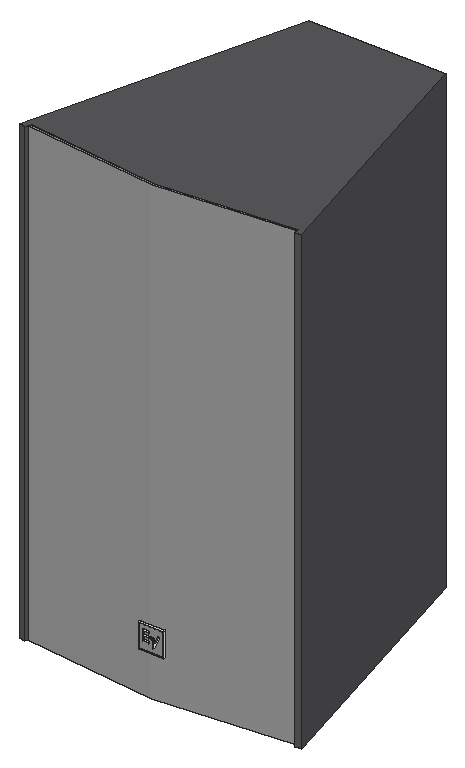
Revit family "EVF-1152S", category Communication Devices, Revit 2017 (continued)
Definition of nested family "InputPanelV"
  Lines and regions (mm)
    model lines
      curve 862: line (-0.014, -4.337, 80.818) -> (-0.014, -4.337, 82.936)
      curve 863: line (-0.014, -4.337, 82.936) -> (-0.303, -4.337, 82.936)
      curve 864: line (-0.303, -4.337, 82.936) -> (-0.303, -4.337, 83.627)
      curve 865: line (24.922, -4.337, 83.63) -> (24.922, -4.337, 82.939)
      curve 866: line (24.922, -4.337, 82.939) -> (24.635, -4.337, 82.939)
      curve 867: line (24.635, -4.337, 82.939) -> (24.635, -4.337, 80.821)
      curve 868: line (24.635, -4.337, 80.821) -> (24.923, -4.337, 80.821)
      curve 869: line (24.923, -4.337, 80.821) -> (24.922, -4.337, 82.939)
      curve 870: line (2.646, -4.337, 82.333) -> (4.834, -4.337, 84.126)
      curve 871: line (4.834, -4.337, 84.126) -> (5.167, -4.337, 83.635)
      curve 872: line (8.952, -4.337, 82.333) -> (11.141, -4.337, 84.127)
      curve 873: line (11.141, -4.337, 84.127) -> (11.473, -4.337, 83.636)
      curve 874: line (2.391, -4.337, 82.36) -> (4.343, -4.337, 83.959)
      curve 875: line (4.343, -4.337, 83.959) -> (4.343, -4.337, 84.529)
      curve 876: line (4.343, -4.337, 84.529) -> (1.855, -4.337, 82.491)
      curve 877: line (8.697, -4.337, 82.36) -> (10.649, -4.337, 83.96)
      curve 878: line (10.649, -4.337, 83.96) -> (10.649, -4.337, 84.529)
      curve 879: line (10.649, -4.337, 84.529) -> (8.162, -4.337, 82.491)
      curve 880: line (15.004, -4.337, 82.361) -> (16.955, -4.337, 83.961)
      curve 881: line (16.955, -4.337, 83.961) -> (16.955, -4.337, 84.53)
      curve 882: line (16.955, -4.337, 84.53) -> (14.468, -4.337, 82.492)
      curve 883: line (15.258, -4.337, 82.334) -> (17.447, -4.337, 84.128)
      curve 884: line (17.447, -4.337, 84.128) -> (17.779, -4.337, 83.637)
      curve 885: line (21.565, -4.337, 82.335) -> (23.753, -4.337, 84.128)
      curve 886: line (23.753, -4.337, 84.128) -> (24.086, -4.337, 83.637)
      curve 887: line (21.31, -4.337, 82.362) -> (23.262, -4.337, 83.961)
      curve 888: line (23.262, -4.337, 83.961) -> (23.262, -4.337, 84.531)
      curve 889: line (23.262, -4.337, 84.531) -> (20.774, -4.337, 82.493)
      curve 890: line (21.88, -4.337, 79.397) -> (24.923, -4.337, 79.398)
      curve 891: line (24.923, -4.337, 79.398) -> (24.924, -4.337, 73.974)
      curve 892: line (24.924, -4.337, 73.974) -> (-0.302, -4.337, 73.971)
      curve 893: line (-0.302, -4.337, 73.971) -> (-0.302, -4.337, 79.395)
      curve 894: line (24.923, -4.337, 80.821) -> (24.923, -4.337, 79.398)
      curve 895: line (24.924, -4.337, 73.974) -> (24.924, -4.337, 73.648)
      curve 896: line (24.924, -4.337, 73.648) -> (-0.302, -4.337, 73.645)
      curve 897: line (-0.302, -4.337, 73.645) -> (-0.302, -4.337, 73.971)
      curve 898: line (-0.302, -4.337, 73.971) -> (-0.429, -4.337, 73.842)
      curve 899: line (-0.429, -4.337, 73.842) -> (-0.607, -4.337, 73.72)
      curve 900: line (6.303, -4.337, 73.19) -> (11.814, -4.337, 73.191)
      curve 901: line (11.814, -4.337, 73.191) -> (11.815, -4.337, 68.976)
      curve 902: line (11.815, -4.337, 68.976) -> (6.303, -4.337, 68.975)
      curve 903: line (6.303, -4.337, 68.975) -> (6.303, -4.337, 73.19)
      curve 904: line (5.707, -4.337, 68.975) -> (0.195, -4.337, 68.974)
      curve 905: line (0.195, -4.337, 68.974) -> (0.195, -4.337, 73.19)
      curve 906: line (0.195, -4.337, 73.19) -> (5.707, -4.337, 73.19)
      curve 907: line (5.707, -4.337, 73.19) -> (5.707, -4.337, 68.975)
      curve 908: line (-0.302, -4.337, 73.645) -> (-0.301, -4.337, 68.519)
      curve 909: line (-0.301, -4.337, 68.519) -> (24.924, -4.337, 68.522)
      curve 910: line (24.924, -4.337, 68.522) -> (24.924, -4.337, 73.648)
      curve 911: line (18.915, -4.337, 73.192) -> (24.427, -4.337, 73.193)
      curve 912: line (24.427, -4.337, 73.193) -> (24.428, -4.337, 68.977)
      curve 913: line (24.428, -4.337, 68.977) -> (18.916, -4.337, 68.977)
      curve 914: line (18.916, -4.337, 68.977) -> (18.915, -4.337, 73.192)
      curve 915: line (18.32, -4.337, 68.977) -> (12.808, -4.337, 68.976)
      curve 916: line (12.808, -4.337, 68.976) -> (12.808, -4.337, 73.191)
      curve 917: line (12.808, -4.337, 73.191) -> (18.319, -4.337, 73.192)
      curve 918: line (18.319, -4.337, 73.192) -> (18.32, -4.337, 68.977)
      curve 919: line (20.082, -4.337, 73.192) -> (20.082, -4.337, 71.784)
      curve 920: line (20.082, -4.337, 71.784) -> (19.394, -4.337, 71.458)
      curve 921: line (19.394, -4.337, 71.458) -> (18.916, -4.337, 71.073)
      curve 922: line (7.47, -4.337, 73.19) -> (7.47, -4.337, 71.782)
      curve 923: line (7.47, -4.337, 71.782) -> (6.782, -4.337, 71.456)
      curve 924: line (6.782, -4.337, 71.456) -> (6.303, -4.337, 71.071)
      curve 925: line (17.152, -4.337, 73.192) -> (17.153, -4.337, 71.783)
      curve 926: line (17.153, -4.337, 71.783) -> (17.841, -4.337, 71.458)
      curve 927: line (17.841, -4.337, 71.458) -> (18.32, -4.337, 71.073)
      curve 928: line (4.54, -4.337, 73.19) -> (4.54, -4.337, 71.782)
      curve 929: line (4.54, -4.337, 71.782) -> (5.228, -4.337, 71.456)
      curve 930: line (5.228, -4.337, 71.456) -> (5.707, -4.337, 71.071)
      curve 931: line (1.163, -4.337, 73.19) -> (1.163, -4.337, 71.781)
      curve 932: line (1.163, -4.337, 71.781) -> (0.475, -4.337, 71.456)
      curve 933: line (0.475, -4.337, 71.456) -> (0.195, -4.337, 71.23)
      curve 934: line (13.776, -4.337, 73.191) -> (13.776, -4.337, 71.783)
      curve 935: line (13.776, -4.337, 71.783) -> (13.088, -4.337, 71.457)
      curve 936: line (13.088, -4.337, 71.457) -> (12.808, -4.337, 71.232)
      curve 937: line (10.846, -4.337, 73.191) -> (10.846, -4.337, 71.782)
      curve 938: line (10.846, -4.337, 71.782) -> (11.534, -4.337, 71.457)
      curve 939: line (11.815, -4.337, 71.232) -> (11.534, -4.337, 71.457)
      curve 940: line (11.534, -4.337, 71.457) -> (6.782, -4.337, 71.456)
      curve 941: line (23.459, -4.337, 73.192) -> (23.459, -4.337, 71.784)
      curve 942: line (23.459, -4.337, 71.784) -> (24.147, -4.337, 71.459)
      curve 943: line (24.147, -4.337, 71.459) -> (19.394, -4.337, 71.458)
      curve 944: line (24.427, -4.337, 71.233) -> (24.147, -4.337, 71.459)
      curve 945: line (4.54, -4.337, 71.782) -> (1.163, -4.337, 71.781)
      curve 946: line (17.153, -4.337, 71.783) -> (13.776, -4.337, 71.783)
      curve 947: line (7.47, -4.337, 71.782) -> (10.846, -4.337, 71.782)
      curve 948: line (20.082, -4.337, 71.784) -> (23.459, -4.337, 71.784)
      curve 949: line (-0.868, -4.337, 73.72) -> (-0.867, -4.337, 70.587)
      curve 950: line (-0.867, -4.337, 70.587) -> (-0.606, -4.337, 70.587)
      curve 951: line (-0.606, -4.337, 70.587) -> (-0.607, -4.337, 73.72)
      curve 952: line (-0.607, -4.337, 73.72) -> (-0.868, -4.337, 73.72)
      curve 953: line (-0.868, -4.337, 73.72) -> (-0.868, -4.337, 74.301)
      curve 954: line (-0.868, -4.337, 74.301) -> (-0.607, -4.337, 74.301)
      curve 955: line (-0.607, -4.337, 74.301) -> (-0.302, -4.337, 74.179)
      curve 956: line (-0.429, -4.337, 73.842) -> (-0.429, -4.337, 70.709)
      curve 957: line (-0.429, -4.337, 70.709) -> (-0.606, -4.337, 70.587)
      curve 958: line (5.707, -4.337, 70.073) -> (0.195, -4.337, 70.073)
      curve 959: line (18.32, -4.337, 70.075) -> (12.808, -4.337, 70.074)
      curve 960: line (11.815, -4.337, 70.074) -> (6.303, -4.337, 70.073)
      curve 961: line (24.427, -4.337, 70.076) -> (18.916, -4.337, 70.075)
      curve 962: line (5.228, -4.337, 71.456) -> (0.475, -4.337, 71.456)
      curve 963: line (17.841, -4.337, 71.458) -> (13.088, -4.337, 71.457)
      curve 964: line (-0.607, -4.337, 80.716) -> (-0.869, -4.337, 80.716)
      curve 965: line (-0.869, -4.337, 80.716) -> (-0.869, -4.337, 81.297)
      curve 966: line (-0.869, -4.337, 81.297) -> (-0.608, -4.337, 81.297)
      curve 967: line (-0.608, -4.337, 81.297) -> (-0.43, -4.337, 81.175)
      curve 968: line (-0.869, -4.337, 80.716) -> (-0.868, -4.337, 77.583)
      curve 969: line (-0.868, -4.337, 77.583) -> (-0.607, -4.337, 77.584)
      curve 970: line (15.462, -4.337, 91.808) -> (14.474, -4.337, 91.647)
      curve 971: line (14.474, -4.337, 91.647) -> (13.636, -4.337, 91.189)
      curve 972: line (13.636, -4.337, 91.189) -> (13.076, -4.337, 90.502)
      curve 973: line (13.076, -4.337, 90.502) -> (12.88, -4.337, 89.693)
      curve 974: line (12.88, -4.337, 89.693) -> (13.077, -4.337, 88.883)
      curve 975: line (13.077, -4.337, 88.883) -> (13.637, -4.337, 88.197)
      curve 976: line (13.637, -4.337, 88.197) -> (14.474, -4.337, 87.739)
      curve 977: line (14.474, -4.337, 87.739) -> (15.462, -4.337, 87.578)
      curve 978: line (15.462, -4.337, 87.578) -> (16.451, -4.337, 87.739)
      curve 979: line (16.451, -4.337, 87.739) -> (17.288, -4.337, 88.198)
      curve 980: line (17.288, -4.337, 88.198) -> (17.848, -4.337, 88.884)
      curve 981: line (17.848, -4.337, 88.884) -> (18.044, -4.337, 89.694)
      curve 982: line (18.044, -4.337, 89.694) -> (17.848, -4.337, 90.503)
      curve 983: line (17.848, -4.337, 90.503) -> (17.288, -4.337, 91.189)
      curve 984: line (17.288, -4.337, 91.189) -> (16.457, -4.337, 91.644)
      curve 985: line (16.45, -4.337, 91.647) -> (15.462, -4.337, 91.932)
      curve 986: line (15.462, -4.337, 91.932) -> (15.462, -4.337, 92.623)
      curve 987: line (15.462, -4.337, 92.623) -> (15.462, -4.337, 94.741)
      curve 988: line (15.462, -4.337, 94.741) -> (21.686, -4.337, 94.74)
      curve 989: line (2.849, -4.337, 91.807) -> (1.861, -4.337, 91.646)
      curve 990: line (1.861, -4.337, 91.646) -> (1.024, -4.337, 91.187)
      curve 991: line (1.024, -4.337, 91.187) -> (0.464, -4.337, 90.501)
      curve 992: line (0.464, -4.337, 90.501) -> (0.267, -4.337, 89.691)
      curve 993: line (0.267, -4.337, 89.691) -> (0.464, -4.337, 88.882)
      curve 994: line (0.464, -4.337, 88.882) -> (1.024, -4.337, 88.196)
      curve 995: line (1.024, -4.337, 88.196) -> (1.862, -4.337, 87.737)
      curve 996: line (1.862, -4.337, 87.737) -> (2.85, -4.337, 87.577)
      curve 997: line (2.85, -4.337, 87.577) -> (3.838, -4.337, 87.738)
      curve 998: line (3.838, -4.337, 87.738) -> (4.676, -4.337, 88.196)
      curve 999: line (4.676, -4.337, 88.196) -> (5.235, -4.337, 88.883)
      curve 1000: line (5.235, -4.337, 88.883) -> (5.432, -4.337, 89.692)
      curve 1001: line (5.432, -4.337, 89.692) -> (5.235, -4.337, 90.501)
      curve 1002: line (5.235, -4.337, 90.501) -> (4.675, -4.337, 91.188)
      curve 1003: line (4.675, -4.337, 91.188) -> (3.844, -4.337, 91.642)
      curve 1004: line (3.837, -4.337, 91.646) -> (2.849, -4.337, 91.93)
      curve 1005: line (2.849, -4.337, 91.93) -> (2.849, -4.337, 92.622)
      curve 1006: line (2.849, -4.337, 92.622) -> (2.849, -4.337, 94.74)
      curve 1007: line (2.849, -4.337, 94.74) -> (9.074, -4.337, 94.739)
      curve 1008: line (21.768, -4.337, 91.809) -> (20.78, -4.337, 91.648)
      curve 1009: line (20.78, -4.337, 91.648) -> (19.942, -4.337, 91.189)
      curve 1010: line (19.942, -4.337, 91.189) -> (19.383, -4.337, 90.503)
      curve 1011: line (19.383, -4.337, 90.503) -> (19.186, -4.337, 89.694)
      curve 1012: line (19.186, -4.337, 89.694) -> (19.383, -4.337, 88.884)
      curve 1013: line (19.383, -4.337, 88.884) -> (19.943, -4.337, 88.198)
      curve 1014: line (19.943, -4.337, 88.198) -> (20.781, -4.337, 87.74)
      curve 1015: line (20.781, -4.337, 87.74) -> (21.769, -4.337, 87.579)
      curve 1016: line (21.769, -4.337, 87.579) -> (22.757, -4.337, 87.74)
      curve 1017: line (22.757, -4.337, 87.74) -> (23.594, -4.337, 88.199)
      curve 1018: line (23.594, -4.337, 88.199) -> (24.154, -4.337, 88.885)
      curve 1019: line (24.154, -4.337, 88.885) -> (24.351, -4.337, 89.694)
      curve 1020: line (24.351, -4.337, 89.694) -> (24.154, -4.337, 90.504)
      curve 1021: line (24.154, -4.337, 90.504) -> (23.594, -4.337, 91.19)
      curve 1022: line (23.594, -4.337, 91.19) -> (22.763, -4.337, 91.644)
      curve 1023: line (22.756, -4.337, 91.648) -> (21.768, -4.337, 91.932)
      curve 1024: line (21.768, -4.337, 91.932) -> (21.768, -4.337, 92.624)
      curve 1025: line (21.768, -4.337, 92.624) -> (21.768, -4.337, 94.741)
      curve 1026: line (21.768, -4.337, 94.741) -> (24.921, -4.337, 94.741)
      curve 1027: line (9.156, -4.337, 91.808) -> (8.167, -4.337, 91.646)
      curve 1028: line (8.167, -4.337, 91.646) -> (7.33, -4.337, 91.188)
      curve 1029: line (7.33, -4.337, 91.188) -> (6.77, -4.337, 90.502)
      curve 1030: line (6.77, -4.337, 90.502) -> (6.574, -4.337, 89.692)
      curve 1031: line (6.574, -4.337, 89.692) -> (6.77, -4.337, 88.883)
      curve 1032: line (6.77, -4.337, 88.883) -> (7.33, -4.337, 88.197)
      curve 1033: line (7.33, -4.337, 88.197) -> (8.168, -4.337, 87.738)
      curve 1034: line (8.168, -4.337, 87.738) -> (9.156, -4.337, 87.577)
      curve 1035: line (9.156, -4.337, 87.577) -> (10.144, -4.337, 87.738)
      curve 1036: line (10.144, -4.337, 87.738) -> (10.982, -4.337, 88.197)
      curve 1037: line (10.982, -4.337, 88.197) -> (11.542, -4.337, 88.883)
      curve 1038: line (11.542, -4.337, 88.883) -> (11.738, -4.337, 89.693)
      curve 1039: line (11.738, -4.337, 89.693) -> (11.541, -4.337, 90.502)
      curve 1040: line (11.541, -4.337, 90.502) -> (10.981, -4.337, 91.188)
      curve 1041: line (10.981, -4.337, 91.188) -> (10.151, -4.337, 91.643)
      curve 1042: line (10.144, -4.337, 91.647) -> (9.156, -4.337, 91.93)
      curve 1043: line (9.156, -4.337, 91.93) -> (9.155, -4.337, 92.622)
      curve 1044: line (9.155, -4.337, 92.622) -> (9.155, -4.337, 94.74)
      curve 1045: line (9.155, -4.337, 94.74) -> (15.351, -4.337, 94.739)
      curve 1046: line (-0.304, -4.337, 88.878) -> (-0.303, -4.337, 88.666)
      curve 1047: line (-0.303, -4.337, 88.666) -> (0.04, -4.337, 88.666)
      curve 1048: line (0.177, -4.337, 88.745) -> (0.303, -4.337, 88.878)
      curve 1049: line (0.303, -4.337, 88.878) -> (-0.304, -4.337, 88.878)
      curve 1050: line (-0.304, -4.337, 88.878) -> (-0.304, -4.337, 90.505)
      curve 1051: line (-0.304, -4.337, 90.505) -> (0.303, -4.337, 90.505)
      curve 1052: line (6.611, -4.337, 90.506) -> (5.396, -4.337, 90.505)
      curve 1053: line (12.916, -4.337, 90.506) -> (11.701, -4.337, 90.506)
      curve 1054: line (19.223, -4.337, 90.507) -> (18.008, -4.337, 90.507)
      curve 1055: line (24.922, -4.337, 88.881) -> (24.922, -4.337, 88.669)
      curve 1056: line (24.922, -4.337, 88.669) -> (24.556, -4.337, 88.669)
      curve 1057: line (24.44, -4.337, 88.748) -> (24.314, -4.337, 88.881)
      curve 1058: line (24.314, -4.337, 88.881) -> (24.922, -4.337, 88.881)
      curve 1059: line (24.922, -4.337, 88.881) -> (24.922, -4.337, 90.508)
      curve 1060: line (24.922, -4.337, 90.508) -> (24.314, -4.337, 90.508)
      curve 1061: line (18.96, -4.337, 88.668) -> (18.281, -4.337, 88.672)
      curve 1062: line (18.135, -4.337, 88.747) -> (18.008, -4.337, 88.88)
      curve 1063: line (18.008, -4.337, 88.88) -> (19.223, -4.337, 88.88)
      curve 1064: line (19.223, -4.337, 88.88) -> (19.097, -4.337, 88.747)
      curve 1065: line (12.916, -4.337, 88.879) -> (11.701, -4.337, 88.879)
      curve 1066: line (11.701, -4.337, 88.879) -> (11.827, -4.337, 88.746)
      curve 1067: line (11.943, -4.337, 88.668) -> (12.652, -4.337, 88.668)
      curve 1068: line (12.79, -4.337, 88.746) -> (12.916, -4.337, 88.879)
      curve 1069: line (6.347, -4.337, 88.667) -> (5.669, -4.337, 88.67)
      curve 1070: line (5.522, -4.337, 88.745) -> (5.396, -4.337, 88.878)
      curve 1071: line (5.396, -4.337, 88.878) -> (6.611, -4.337, 88.879)
      curve 1072: line (6.611, -4.337, 88.879) -> (6.485, -4.337, 88.745)
      curve 1073: line (12.02, -4.337, 93.315) -> (12.02, -4.337, 91.198)
      curve 1074: line (12.02, -4.337, 91.198) -> (12.597, -4.337, 91.198)
      curve 1075: line (12.597, -4.337, 91.198) -> (12.596, -4.337, 93.315)
      curve 1076: line (12.596, -4.337, 93.315) -> (12.02, -4.337, 93.315)
      curve 1077: line (18.327, -4.337, 93.316) -> (18.904, -4.337, 93.316)
      curve 1078: line (18.904, -4.337, 93.316) -> (18.904, -4.337, 91.199)
      curve 1079: line (18.904, -4.337, 91.199) -> (18.327, -4.337, 91.199)
      curve 1080: line (18.327, -4.337, 91.199) -> (18.327, -4.337, 93.316)
      curve 1081: line (5.715, -4.337, 93.315) -> (6.291, -4.337, 93.315)
      curve 1082: line (6.291, -4.337, 93.315) -> (6.291, -4.337, 91.197)
      curve 1083: line (6.291, -4.337, 91.197) -> (5.715, -4.337, 91.197)
      curve 1084: line (5.715, -4.337, 91.197) -> (5.715, -4.337, 93.315)
      curve 1085: line (24.921, -4.337, 91.199) -> (24.921, -4.337, 93.317)
      curve 1086: line (24.921, -4.337, 93.317) -> (24.632, -4.337, 93.317)
      curve 1087: line (24.632, -4.337, 93.317) -> (24.633, -4.337, 91.199)
      curve 1088: line (24.633, -4.337, 91.199) -> (24.921, -4.337, 91.199)
      curve 1089: line (24.921, -4.337, 91.199) -> (24.922, -4.337, 90.508)
      curve 1090: line (-0.304, -4.337, 90.505) -> (-0.304, -4.337, 91.196)
      curve 1091: line (-0.304, -4.337, 91.196) -> (-0.016, -4.337, 91.196)
      curve 1092: line (-0.016, -4.337, 91.196) -> (-0.016, -4.337, 93.314)
      curve 1093: line (-0.016, -4.337, 93.314) -> (-0.304, -4.337, 93.314)
      curve 1094: line (-0.304, -4.337, 93.314) -> (-0.304, -4.337, 91.196)
      curve 1095: line (15.667, -4.337, 91.802) -> (13.478, -4.337, 90.008)
      curve 1096: line (13.478, -4.337, 90.008) -> (13.145, -4.337, 90.499)
      curve 1097: line (21.973, -4.337, 91.802) -> (19.784, -4.337, 90.009)
      curve 1098: line (19.784, -4.337, 90.009) -> (19.452, -4.337, 90.5)
      curve 1099: line (15.921, -4.337, 91.775) -> (13.97, -4.337, 90.175)
      curve 1100: line (13.97, -4.337, 90.175) -> (13.97, -4.337, 89.606)
      curve 1101: line (13.97, -4.337, 89.606) -> (16.457, -4.337, 91.644)
      curve 1102: line (22.228, -4.337, 91.775) -> (20.276, -4.337, 90.176)
      curve 1103: line (20.276, -4.337, 90.176) -> (20.276, -4.337, 89.607)
      curve 1104: line (20.276, -4.337, 89.607) -> (22.763, -4.337, 91.644)
      curve 1105: line (9.36, -4.337, 91.801) -> (7.172, -4.337, 90.008)
      curve 1106: line (7.172, -4.337, 90.008) -> (6.839, -4.337, 90.499)
      curve 1107: line (3.054, -4.337, 91.8) -> (0.865, -4.337, 90.007)
      curve 1108: line (0.865, -4.337, 90.007) -> (0.533, -4.337, 90.498)
      curve 1109: line (3.309, -4.337, 91.773) -> (1.357, -4.337, 90.174)
      curve 1110: line (1.357, -4.337, 90.174) -> (1.357, -4.337, 89.604)
      curve 1111: line (1.357, -4.337, 89.604) -> (3.844, -4.337, 91.642)
      curve 1112: line (9.615, -4.337, 91.774) -> (7.663, -4.337, 90.175)
      curve 1113: line (7.663, -4.337, 90.175) -> (7.663, -4.337, 89.605)
      curve 1114: line (7.663, -4.337, 89.605) -> (10.151, -4.337, 91.643)
      curve 1115: line (2.738, -4.337, 94.738) -> (-0.304, -4.337, 94.737)
      curve 1116: line (-0.304, -4.337, 94.737) -> (-0.305, -4.337, 100.161)
      curve 1117: line (-0.305, -4.337, 100.161) -> (24.92, -4.337, 100.165)
      curve 1118: line (24.92, -4.337, 100.165) -> (24.921, -4.337, 94.741)
      curve 1119: line (24.921, -4.337, 94.741) -> (24.921, -4.337, 93.317)
      curve 1120: line (24.921, -4.337, 93.317) -> (25.049, -4.337, 96.43)
      curve 1121: line (25.049, -4.337, 96.43) -> (25.226, -4.337, 96.552)
      curve 1122: line (-0.304, -4.337, 93.314) -> (-0.304, -4.337, 94.737)
      curve 1123: line (18.316, -4.337, 100.945) -> (12.804, -4.337, 100.944)
      curve 1124: line (12.804, -4.337, 100.944) -> (12.804, -4.337, 105.159)
      curve 1125: line (12.804, -4.337, 105.159) -> (18.315, -4.337, 105.16)
      curve 1126: line (18.315, -4.337, 105.16) -> (18.316, -4.337, 100.945)
      curve 1127: line (18.911, -4.337, 105.16) -> (24.423, -4.337, 105.161)
      curve 1128: line (24.423, -4.337, 105.161) -> (24.424, -4.337, 100.946)
      curve 1129: line (24.424, -4.337, 100.946) -> (18.912, -4.337, 100.945)
      curve 1130: line (18.912, -4.337, 100.945) -> (18.911, -4.337, 105.16)
      curve 1131: line (-0.305, -4.337, 100.487) -> (24.92, -4.337, 100.49)
      curve 1132: line (24.92, -4.337, 100.49) -> (24.92, -4.337, 105.617)
      curve 1133: line (24.92, -4.337, 105.617) -> (-0.306, -4.337, 105.614)
      curve 1134: line (-0.306, -4.337, 105.614) -> (-0.305, -4.337, 100.487)
      curve 1135: line (-0.305, -4.337, 100.487) -> (-0.305, -4.337, 100.161)
      curve 1136: line (5.703, -4.337, 100.943) -> (0.192, -4.337, 100.943)
      curve 1137: line (0.192, -4.337, 100.943) -> (0.191, -4.337, 105.158)
      curve 1138: line (0.191, -4.337, 105.158) -> (5.703, -4.337, 105.159)
      curve 1139: line (5.703, -4.337, 105.159) -> (5.703, -4.337, 100.943)
      curve 1140: line (6.299, -4.337, 105.159) -> (11.811, -4.337, 105.159)
      curve 1141: line (11.811, -4.337, 105.159) -> (11.811, -4.337, 100.944)
      curve 1142: line (11.811, -4.337, 100.944) -> (6.299, -4.337, 100.943)
      curve 1143: line (6.299, -4.337, 100.943) -> (6.299, -4.337, 105.159)
      curve 1144: line (24.92, -4.337, 100.49) -> (24.92, -4.337, 100.165)
      curve 1145: line (24.92, -4.337, 100.165) -> (25.048, -4.337, 103.426)
      curve 1146: line (25.048, -4.337, 103.426) -> (25.225, -4.337, 103.548)
      curve 1147: line (25.225, -4.337, 103.548) -> (25.225, -4.337, 100.415)
      curve 1148: line (25.225, -4.337, 100.415) -> (25.048, -4.337, 100.293)
      curve 1149: line (17.149, -4.337, 100.945) -> (17.149, -4.337, 102.353)
      curve 1150: line (17.149, -4.337, 102.353) -> (17.837, -4.337, 102.679)
      curve 1151: line (17.837, -4.337, 102.679) -> (18.316, -4.337, 103.064)
      curve 1152: line (4.536, -4.337, 100.943) -> (4.536, -4.337, 102.352)
      curve 1153: line (4.536, -4.337, 102.352) -> (5.224, -4.337, 102.677)
      curve 1154: line (5.224, -4.337, 102.677) -> (5.703, -4.337, 103.062)
      curve 1155: line (7.466, -4.337, 100.944) -> (7.466, -4.337, 102.352)
      curve 1156: line (7.466, -4.337, 102.352) -> (6.778, -4.337, 102.677)
      curve 1157: line (6.778, -4.337, 102.677) -> (6.299, -4.337, 103.062)
      curve 1158: line (20.079, -4.337, 100.945) -> (20.079, -4.337, 102.354)
      curve 1159: line (20.079, -4.337, 102.354) -> (19.391, -4.337, 102.679)
      curve 1160: line (19.391, -4.337, 102.679) -> (18.912, -4.337, 103.064)
      curve 1161: line (10.843, -4.337, 100.944) -> (10.843, -4.337, 102.352)
      curve 1162: line (10.843, -4.337, 102.352) -> (11.531, -4.337, 102.678)
      curve 1163: line (11.531, -4.337, 102.678) -> (11.811, -4.337, 102.903)
      curve 1164: line (23.455, -4.337, 100.945) -> (23.455, -4.337, 102.354)
      curve 1165: line (23.455, -4.337, 102.354) -> (24.143, -4.337, 102.679)
      curve 1166: line (24.143, -4.337, 102.679) -> (24.423, -4.337, 102.905)
      curve 1167: line (13.772, -4.337, 100.944) -> (13.772, -4.337, 102.353)
      curve 1168: line (13.772, -4.337, 102.353) -> (13.084, -4.337, 102.678)
      curve 1169: line (12.804, -4.337, 102.903) -> (13.084, -4.337, 102.678)
      curve 1170: line (13.084, -4.337, 102.678) -> (17.837, -4.337, 102.679)
      curve 1171: line (1.16, -4.337, 100.943) -> (1.16, -4.337, 102.351)
      curve 1172: line (1.16, -4.337, 102.351) -> (0.472, -4.337, 102.677)
      curve 1173: line (0.472, -4.337, 102.677) -> (5.224, -4.337, 102.677)
      curve 1174: line (0.191, -4.337, 102.902) -> (0.472, -4.337, 102.677)
      curve 1175: line (7.466, -4.337, 102.352) -> (10.843, -4.337, 102.352)
      curve 1176: line (20.079, -4.337, 102.354) -> (23.455, -4.337, 102.354)
      curve 1177: line (4.536, -4.337, 102.352) -> (1.16, -4.337, 102.351)
      curve 1178: line (17.149, -4.337, 102.353) -> (13.772, -4.337, 102.353)
      curve 1179: line (25.225, -4.337, 100.415) -> (25.486, -4.337, 100.415)
      curve 1180: line (25.486, -4.337, 100.415) -> (25.486, -4.337, 103.548)
      curve 1181: line (25.486, -4.337, 103.548) -> (25.225, -4.337, 103.548)
      curve 1182: line (25.486, -4.337, 100.415) -> (25.486, -4.337, 99.834)
      curve 1183: line (25.486, -4.337, 99.834) -> (25.225, -4.337, 99.834)
      curve 1184: line (25.225, -4.337, 99.834) -> (25.048, -4.337, 99.956)
      curve 1185: line (18.911, -4.337, 104.062) -> (24.423, -4.337, 104.063)
      curve 1186: line (6.299, -4.337, 104.06) -> (11.811, -4.337, 104.061)
      curve 1187: line (0.191, -4.337, 104.06) -> (5.703, -4.337, 104.06)
      curve 1188: line (12.804, -4.337, 104.061) -> (18.316, -4.337, 104.062)
      curve 1189: line (6.778, -4.337, 102.677) -> (11.531, -4.337, 102.678)
      curve 1190: line (19.391, -4.337, 102.679) -> (24.143, -4.337, 102.679)
      curve 1191: line (25.226, -4.337, 93.419) -> (25.049, -4.337, 93.297)
      curve 1192: line (25.487, -4.337, 93.419) -> (25.226, -4.337, 93.419)
      curve 1193: line (25.226, -4.337, 93.419) -> (25.226, -4.337, 96.552)
      curve 1194: line (25.226, -4.337, 96.552) -> (25.487, -4.337, 96.552)
      curve 1195: line (25.487, -4.337, 96.552) -> (25.487, -4.337, 93.419)
      curve 1196: line (25.487, -4.337, 93.419) -> (25.487, -4.337, 92.838)
      curve 1197: line (25.487, -4.337, 92.838) -> (25.226, -4.337, 92.838)
      curve 1198: line (25.226, -4.337, 92.838) -> (25.049, -4.337, 92.96)
      curve 1199: line (-0.104, -4.337, 67.336) -> (24.727, -4.337, 67.339)
      curve 1200: line (24.672, -4.337, 67.394) -> (-0.049, -4.337, 67.391)
      curve 1201: line (25.736, -4.337, 68.348) -> (25.731, -4.337, 105.791)
      curve 1202: line (25.676, -4.337, 105.736) -> (25.681, -4.337, 68.403)
      curve 1203: line (24.722, -4.337, 106.8) -> (-0.109, -4.337, 106.797)
      curve 1204: line (-0.106, -4.337, 106.797) -> (24.667, -4.337, 106.745)
      curve 1205: line (-1.117, -4.337, 105.788) -> (-1.113, -4.337, 68.344)
      curve 1206: line (-1.058, -4.337, 68.399) -> (-1.062, -4.337, 105.733)
      curve 1207: line (9.156, -4.337, 84.938) -> (9.156, -4.337, 86.557)
      curve 1208: line (9.156, -4.337, 86.557) -> (9.156, -4.337, 86.891)
      curve 1209: line (2.85, -4.337, 84.937) -> (2.85, -4.337, 86.556)
      curve 1210: line (2.85, -4.337, 86.556) -> (2.85, -4.337, 86.889)
      curve 1211: line (15.463, -4.337, 84.938) -> (15.463, -4.337, 86.558)
      curve 1212: line (15.463, -4.337, 86.558) -> (15.462, -4.337, 86.891)
      curve 1213: line (21.769, -4.337, 84.939) -> (21.769, -4.337, 86.559)
      curve 1214: line (21.769, -4.337, 86.559) -> (21.769, -4.337, 86.892)
      curve 1215: line (15.462, -4.337, 89.197) -> (15.462, -4.337, 87.578)
      curve 1216: line (15.462, -4.337, 87.578) -> (15.462, -4.337, 87.244)
      curve 1217: line (21.769, -4.337, 89.198) -> (21.769, -4.337, 87.579)
      curve 1218: line (21.769, -4.337, 87.579) -> (21.769, -4.337, 87.246)
      curve 1219: line (9.156, -4.337, 89.197) -> (9.156, -4.337, 87.577)
      curve 1220: line (9.156, -4.337, 87.577) -> (9.156, -4.337, 87.244)
      curve 1221: line (2.85, -4.337, 89.196) -> (2.85, -4.337, 87.577)
      curve 1222: line (2.85, -4.337, 87.577) -> (2.85, -4.337, 87.243)
Definition of nested family "L-EV"
  Parameters (values of type "L-EV")
    Material = ""
    Default Elevation = 1219.20 mm
  Reference planes
    plane 1 "Center (Front/Back)": y = 0
    plane 2: z = 0
    plane 3 "Center (Left/Right)": x = 0
  Forms (mm)
    Extrusion 1, solid, not visible
      sketch origin (18.736, -0.5, -73.012) x (1, 0, 0) y (0, 0, 1)
        loop
          arc (-38.866, 94.012) -> (-39.481, 93.758) -> (-39.736, 93.143) r 0.869
          line (-39.736, 93.143) -> (-39.736, 52.882)
          arc (-39.736, 52.882) -> (-39.481, 52.267) -> (-38.866, 52.012) r 0.869
          line (-38.866, 52.012) -> (1.395, 52.012)
          arc (1.395, 52.012) -> (2.01, 52.267) -> (2.264, 52.882) r 0.869
          line (2.264, 52.882) -> (2.264, 93.143)
          arc (2.264, 93.143) -> (2.01, 93.758) -> (1.395, 94.012) r 0.869
          line (1.395, 94.012) -> (-38.866, 94.012)
      from 0 to -0.5
    Extrusion 2, solid, detail levels fine
      sketch origin (18.736, 4, -73.24) x (1, 0, 0) y (0, 0, 1)
        loop
          line (-37.736, 92.24) -> (-37.736, 54.24) -> (0.264, 54.24) -> (0.264, 92.24) -> (-37.736, 92.24)
        loop
          line (-33.659, 85.319) -> (-33.659, 66.596) -> (-21.783, 66.596) -> (-21.783, 70.665) -> (-29.2, 70.665) -> (-29.2, 73.924) -> (-21.783, 73.924) -> (-21.783, 77.992) -> (-29.2, 77.992) -> (-29.2, 81.251) -> (-21.783, 81.251) -> (-21.783, 85.319) -> (-33.659, 85.319)
        loop
          line (-20.026, 77.992) -> (-20.026, 73.924) -> (-17.153, 73.924) -> (-17.153, 59.688) -> (-12.74, 59.688) -> (-2.619, 82.277) -> (-7.421, 82.277) -> (-12.694, 70.408) -> (-12.694, 77.992) -> (-20.026, 77.992)
      from 4.5 to 5
    Extrusion 3, solid, detail levels medium+fine
      sketch origin (0, 0, 0) x (1, 0, 0) y (0, 0, 1)
        loop
          line (19.816, 21) -> (-19.816, 21)
          arc (-19.816, 21) -> (-20.653, 20.653) -> (-21, 19.816) r 1.184
          line (-21, 19.816) -> (-21, -19.816)
          arc (-21, -19.816) -> (-20.653, -20.653) -> (-19.816, -21) r 1.184
          line (-19.816, -21) -> (19.816, -21)
          arc (19.816, -21) -> (20.653, -20.653) -> (21, -19.816) r 1.184
          line (21, -19.816) -> (21, 19.816)
          arc (21, 19.816) -> (20.653, 20.653) -> (19.816, 21) r 1.184
      from -1 to 0.5
Types (36, lengths in mm): name | ProductInformation | PlanningTools | ModelNumber | MaterialRALColour | LoudspeakerMaterial | GrillMaterial | CTN | InstallationManual | Description | ArchitectsAndEngineersSpecs
  EVF1152S43BLKLB_Black_40X30_1X15_Two-Way | "https://www.electrovoice.com/binary/EVF-1152S-43_Engineering_Data_Sheet.PDF" | "https://www.electrovoice.com/product.php?id=955#downloads" | "F.01U.272.518" | "RAL9004" | 13-plyWeather-resistantBirchEVCoat -RAL9004 | 16GA Powder-coatedGalvanneal - B | "EVF1152S43BLKLB" | "https://www.electrovoice.com/binary/EVF-1152S-43_Engineering_Data_Sheet.PDF" | "ND2B 2 51mm Diaphragm, 36mm Exit Pure Titanium Compression Driver. SMX2151 381mm LF Transducer with Fully Symmetric Drive. Advanced 4th Order Crossover Network with HF Protection. Coverage Pattern: 40° x 30° Constant DirectivityTM 12” Rotatable Waveguide. 101 dB Sensitivity, 134 dB Maximum SPL. System Rating: 500W Continuous, (2000W Peak). Active Rating: LF400W/HF40W Continuous (1600W/160W Peak). (22) M10 Threaded Suspension Points" | "https://www.electrovoice.com/binary/EVF-1152S-43_Engineering_Data_Sheet.PDF"
  EVF1152S43FBLB_Black_40X30_Fiberglass_Weathzd | "https://www.electrovoice.com/binary/EVF-1152S-43-FG_Engineering_Data_Sheet.PDF" | "https://www.electrovoice.com/product.php?id=955#downloads" | "F.01U.272.937" | "RAL9004" | 13-plyWeather-resistantBirchEVCoat -RAL9004 | 16GA Powder-coatedGalvanneal - B | "EVF1152S43FBLB" | "https://www.electrovoice.com/binary/EVF-1152S-43-FG_Engineering_Data_Sheet.PDF" | "ND2B 2 51mm Diaphragm, 36mm Exit Pure Titanium Compression Driver. SMX2151 381mm LF Transducer with Fully Symmetric Drive. Advanced 4th Order Crossover Network with HF Protection. Coverage Pattern: 40° x 30° Constant DirectivityTM 12” Rotatable Waveguide. 101 dB Sensitivity, 134 dB Maximum SPL. System Rating: 500W Continuous, (2000W Peak). Active Rating: LF400W/HF40W Continuous (1600W/160W Peak). (22) M10 Threaded Suspension Points" | "https://www.electrovoice.com/binary/EVF-1152S-43-FG_Engineering_Data_Sheet.PDF"
  EVF1152S43FWLB_White_40X30_Fiberglass_Weathzd | "https://www.electrovoice.com/binary/EVF-1152S-43_Engineering_Data_Sheet.PDF" | "https://www.electrovoice.com/product.php?id=955#downloads" | "F.01U.272.938" | "RAL9010" | 13-plyWeather-resistantBirchEVCoat -RAL9010 | 16GA Powder-coatedGalvanneal - W | "EVF1152S43FWLB" | "https://www.electrovoice.com/binary/EVF-1152S-43_Engineering_Data_Sheet.PDF" | "ND2B 2 51mm Diaphragm, 36mm Exit Pure Titanium Compression Driver. SMX2151 381mm LF Transducer with Fully Symmetric Drive. Advanced 4th Order Crossover Network with HF Protection. Coverage Pattern: 40° x 30° Constant DirectivityTM 12” Rotatable Waveguide. 101 dB Sensitivity, 134 dB Maximum SPL. System Rating: 500W Continuous, (2000W Peak). Active Rating: LF400W/HF40W Continuous (1600W/160W Peak). (22) M10 Threaded Suspension Points" | "https://www.electrovoice.com/binary/EVF-1152S-43_Engineering_Data_Sheet.PDF"
  EVF1152S43PIBLB_Black_40X30_1X15_Weatherized | "https://www.electrovoice.com/binary/EVF-1152S-43_Engineering_Data_Sheet.PDF" | "https://www.electrovoice.com/product.php?id=955#downloads" | "F.01U.272.520" | "RAL9004" | 13-plyWeather-resistantBirchEVCoat -RAL9004 | 16GA Powder-coatedGalvanneal - B | "EVF1152S43PIBLB" | "https://www.electrovoice.com/binary/EVF-1152S-43_Engineering_Data_Sheet.PDF" | "ND2B 2 51mm Diaphragm, 36mm Exit Pure Titanium Compression Driver. SMX2151 381mm LF Transducer with Fully Symmetric Drive. Advanced 4th Order Crossover Network with HF Protection. Coverage Pattern: 40° x 30° Constant DirectivityTM 12” Rotatable Waveguide. 101 dB Sensitivity, 134 dB Maximum SPL. System Rating: 500W Continuous, (2000W Peak). Active Rating: LF400W/HF40W Continuous (1600W/160W Peak). (22) M10 Threaded Suspension Points" | "https://www.electrovoice.com/binary/EVF-1152S-43_Engineering_Data_Sheet.PDF"
  EVF1152S43PIWLB_White_40X30_1X15_Weatherized | "https://www.electrovoice.com/binary/EVF-1152S-43_Engineering_Data_Sheet.PDF" | "https://www.electrovoice.com/product.php?id=955#downloads" | "F.01U.272.521" | "RAL9010" | 13-plyWeather-resistantBirchEVCoat -RAL9010 | 16GA Powder-coatedGalvanneal - W | "EVF1152S43PIWLB" | "https://www.electrovoice.com/binary/EVF-1152S-43_Engineering_Data_Sheet.PDF" | "ND2B 2 51mm Diaphragm, 36mm Exit Pure Titanium Compression Driver. SMX2151 381mm LF Transducer with Fully Symmetric Drive. Advanced 4th Order Crossover Network with HF Protection. Coverage Pattern: 40° x 30° Constant DirectivityTM 12” Rotatable Waveguide. 101 dB Sensitivity, 134 dB Maximum SPL. System Rating: 500W Continuous, (2000W Peak). Active Rating: LF400W/HF40W Continuous (1600W/160W Peak). (22) M10 Threaded Suspension Points" | "https://www.electrovoice.com/binary/EVF-1152S-43_Engineering_Data_Sheet.PDF"
  EVF1152S43WHTLB_White_40X30_1X15_Two-Way | "https://www.electrovoice.com/binary/EVF-1152S-43_Engineering_Data_Sheet.PDF" | "https://www.electrovoice.com/product.php?id=955#downloads" | "F.01U.272.519" | "RAL9010" | 13-plyWeather-resistantBirchEVCoat -RAL9010 | 16GA Powder-coatedGalvanneal - W | "EVF1152S43WHTLB" | "https://www.electrovoice.com/binary/EVF-1152S-43_Engineering_Data_Sheet.PDF" | "ND2B 2 51mm Diaphragm, 36mm Exit Pure Titanium Compression Driver. SMX2151 381mm LF Transducer with Fully Symmetric Drive. Advanced 4th Order Crossover Network with HF Protection. Coverage Pattern: 40° x 30° Constant DirectivityTM 12” Rotatable Waveguide. 101 dB Sensitivity, 134 dB Maximum SPL. System Rating: 500W Continuous, (2000W Peak). Active Rating: LF400W/HF40W Continuous (1600W/160W Peak). (22) M10 Threaded Suspension Points" | "https://www.electrovoice.com/binary/EVF-1152S-43_Engineering_Data_Sheet.PDF"
  EVF1152S64BLKLB_Black_60X40_1X15_Two-Way | "https://www.electrovoice.com/binary/EVF-1152S-64_Engineering_Data_Sheet.PDF" | "https://www.electrovoice.com/product.php?id=956#downloads" | "F.01U.272.522" | "RAL9004" | 13-plyWeather-resistantBirchEVCoat -RAL9004 | 16GA Powder-coatedGalvanneal - B | "EVF1152S64BLKLB" | "https://www.electrovoice.com/binary/EVF-1152S-64_Engineering_Data_Sheet.PDF" | "ND2B 2 51mm Diaphragm, 36mm Exit Pure Titanium Compression Driver. SMX2151 381mm LF Transducer with Fully Symmetric Drive. Advanced 4th Order Crossover Network with HF Protection. Coverage Pattern: 60° x 40° Constant DirectivityTM 12” Rotatable Waveguide. 101 dB Sensitivity, 134 dB Maximum SPL. System Rating: 500W Continuous, (2000W Peak)." | "https://www.electrovoice.com/binary/EVF-1152S-64_Engineering_Data_Sheet.PDF"
  EVF1152S64FBLB_Black_60X40_Fiberglass_Weathzd | "https://www.electrovoice.com/binary/EVF-1152S-64_Engineering_Data_Sheet.PDF" | "https://www.electrovoice.com/product.php?id=956#downloads" | "F.01U.272.939" | "RAL9004" | 13-plyWeather-resistantBirchEVCoat -RAL9004 | 16GA Powder-coatedGalvanneal - B | "EVF1152S64FBLB" | "https://www.electrovoice.com/binary/EVF-1152S-64_Engineering_Data_Sheet.PDF" | "ND2B 2 51mm Diaphragm, 36mm Exit Pure Titanium Compression Driver. SMX2151 381mm LF Transducer with Fully Symmetric Drive. Advanced 4th Order Crossover Network with HF Protection. Coverage Pattern: 60° x 40° Constant DirectivityTM 12” Rotatable Waveguide. 101 dB Sensitivity, 134 dB Maximum SPL. System Rating: 500W Continuous, (2000W Peak)." | "https://www.electrovoice.com/binary/EVF-1152S-64_Engineering_Data_Sheet.PDF"
  EVF1152S64FBLB_White_60X40_Fiberglass_Weathzd | "https://www.electrovoice.com/binary/EVF-1152S-64_Engineering_Data_Sheet.PDF" | "https://www.electrovoice.com/product.php?id=956#downloads" | "F.01U.272.940" | "RAL9010" | 13-plyWeather-resistantBirchEVCoat -RAL9010 | 16GA Powder-coatedGalvanneal - W | "EVF1152S64FWLB" | "https://www.electrovoice.com/binary/EVF-1152S-64_Engineering_Data_Sheet.PDF" | "ND2B 2 51mm Diaphragm, 36mm Exit Pure Titanium Compression Driver. SMX2151 381mm LF Transducer with Fully Symmetric Drive. Advanced 4th Order Crossover Network with HF Protection. Coverage Pattern: 60° x 40° Constant DirectivityTM 12” Rotatable Waveguide. 101 dB Sensitivity, 134 dB Maximum SPL. System Rating: 500W Continuous, (2000W Peak)." | "https://www.electrovoice.com/binary/EVF-1152S-64_Engineering_Data_Sheet.PDF"
  EVF1152S64PIBLB_Black_60X40_1X15_Weatherized | "https://www.electrovoice.com/binary/EVF-1152S-64_Engineering_Data_Sheet.PDF" | "https://www.electrovoice.com/product.php?id=956#downloads" | "F.01U.272.524" | "RAL9004" | 13-plyWeather-resistantBirchEVCoat -RAL9004 | 16GA Powder-coatedGalvanneal - B | "EVF1152S64PIBLB" | "https://www.electrovoice.com/binary/EVF-1152S-64_Engineering_Data_Sheet.PDF" | "ND2B 2 51mm Diaphragm, 36mm Exit Pure Titanium Compression Driver. SMX2151 381mm LF Transducer with Fully Symmetric Drive. Advanced 4th Order Crossover Network with HF Protection. Coverage Pattern: 60° x 40° Constant DirectivityTM 12” Rotatable Waveguide. 101 dB Sensitivity, 134 dB Maximum SPL. System Rating: 500W Continuous, (2000W Peak)." | "https://www.electrovoice.com/binary/EVF-1152S-64_Engineering_Data_Sheet.PDF"
  EVF1152S64PIWLB_White_60X40_1X15_Weatherized | "https://www.electrovoice.com/binary/EVF-1152S-64_Engineering_Data_Sheet.PDF" | "https://www.electrovoice.com/product.php?id=956#downloads" | "F.01U.272.525" | "RAL9010" | 13-plyWeather-resistantBirchEVCoat -RAL9010 | 16GA Powder-coatedGalvanneal - W | "EVF1152S64PIWLB" | "https://www.electrovoice.com/binary/EVF-1152S-64_Engineering_Data_Sheet.PDF" | "ND2B 2 51mm Diaphragm, 36mm Exit Pure Titanium Compression Driver. SMX2151 381mm LF Transducer with Fully Symmetric Drive. Advanced 4th Order Crossover Network with HF Protection. Coverage Pattern: 60° x 40° Constant DirectivityTM 12” Rotatable Waveguide. 101 dB Sensitivity, 134 dB Maximum SPL. System Rating: 500W Continuous, (2000W Peak)." | "https://www.electrovoice.com/binary/EVF-1152S-64_Engineering_Data_Sheet.PDF"
  EVF1152S64WHTLB_White_60X40_1X15_Two-Way | "https://www.electrovoice.com/binary/EVF-1152S-64_Engineering_Data_Sheet.PDF" | "https://www.electrovoice.com/product.php?id=956#downloads" | "F.01U.272.523" | "RAL9010" | 13-plyWeather-resistantBirchEVCoat -RAL9010 | 16GA Powder-coatedGalvanneal - W | "EVF1152S64WHTLB" | "https://www.electrovoice.com/binary/EVF-1152S-64_Engineering_Data_Sheet.PDF" | "ND2B 2 51mm Diaphragm, 36mm Exit Pure Titanium Compression Driver. SMX2151 381mm LF Transducer with Fully Symmetric Drive. Advanced 4th Order Crossover Network with HF Protection. Coverage Pattern: 60° x 40° Constant DirectivityTM 12” Rotatable Waveguide. 101 dB Sensitivity, 134 dB Maximum SPL. System Rating: 500W Continuous, (2000W Peak)." | "https://www.electrovoice.com/binary/EVF-1152S-64_Engineering_Data_Sheet.PDF"
  EVF1152S66BLKLB_Black_60X60_1X15_Two-Way | "https://www.electrovoice.com/binary/EVF-1152D-99_Engineering_Data_Sheet.PDF" | "https://www.electrovoice.com/product.php?id=1103#downloads" | "F.01U.272.526" | "RAL9004" | 13-plyWeather-resistantBirchEVCoat -RAL9004 | 16GA Powder-coatedGalvanneal - B | "EVF1152S66BLKLB" | "https://www.electrovoice.com/binary/EVF-1152D-99_Engineering_Data_Sheet.PDF" | "DH7N 76 mm diaphragm, 36 mm exit pure titanium compression driver. DVX3151A 15” 381 mm LF transducer with fully symmetric drive.  Advanced fourth-order crossover network with HF protection. Coverage pattern: 60° x 60° Constant DirectivityTM 12” rotatable waveguide. 100 dB sensitivity, 134 dB maximum SPL.System rating: 600 W continuous, 2400 W peak. Active rating: LF 500 W/HF 75 W continuous (2000 W/300 W peak)." | "https://www.electrovoice.com/binary/EVF-1152D-99_Engineering_Data_Sheet.PDF"
  EVF1152S66FBLB_Black_60X60_Fiberglass_Weathzd | "https://www.electrovoice.com/binary/EVF-1152D-99_Engineering_Data_Sheet.PDF" | "https://www.electrovoice.com/product.php?id=1103#downloads" | "F.01U.272.941" | "RAL9004" | 13-plyWeather-resistantBirchEVCoat -RAL9004 | 16GA Powder-coatedGalvanneal - B | "EVF1152S66FBLB" | "https://www.electrovoice.com/binary/EVF-1152D-99_Engineering_Data_Sheet.PDF" | "DH7N 76 mm diaphragm, 36 mm exit pure titanium compression driver. DVX3151A 15” 381 mm LF transducer with fully symmetric drive.  Advanced fourth-order crossover network with HF protection. Coverage pattern: 60° x 60° Constant DirectivityTM 12” rotatable waveguide. 100 dB sensitivity, 134 dB maximum SPL.System rating: 600 W continuous, 2400 W peak. Active rating: LF 500 W/HF 75 W continuous (2000 W/300 W peak)." | "https://www.electrovoice.com/binary/EVF-1152D-99_Engineering_Data_Sheet.PDF"
  EVF1152S66FWLB_White_60X60_Fiberglass_Weathzd | "https://www.electrovoice.com/binary/EVF-1152D-99_Engineering_Data_Sheet.PDF" | "https://www.electrovoice.com/product.php?id=1103#downloads" | "F.01U.272.942" | "RAL9010" | 13-plyWeather-resistantBirchEVCoat -RAL9010 | 16GA Powder-coatedGalvanneal - W | "EVF1152S66FWLB" | "https://www.electrovoice.com/binary/EVF-1152D-99_Engineering_Data_Sheet.PDF" | "DH7N 76 mm diaphragm, 36 mm exit pure titanium compression driver. DVX3151A 15” 381 mm LF transducer with fully symmetric drive.  Advanced fourth-order crossover network with HF protection. Coverage pattern: 60° x 60° Constant DirectivityTM 12” rotatable waveguide. 100 dB sensitivity, 134 dB maximum SPL.System rating: 600 W continuous, 2400 W peak. Active rating: LF 500 W/HF 75 W continuous (2000 W/300 W peak)." | "https://www.electrovoice.com/binary/EVF-1152D-99_Engineering_Data_Sheet.PDF"
  EVF1152S66PIBLB_Black_60X60_1X15_Weatherized | "https://www.electrovoice.com/binary/EVF-1152D-99_Engineering_Data_Sheet.PDF" | "https://www.electrovoice.com/product.php?id=1103#downloads" | "F.01U.272.528" | "RAL9004" | 13-plyWeather-resistantBirchEVCoat -RAL9004 | 16GA Powder-coatedGalvanneal - B | "EVF1152S66PIBLB" | "https://www.electrovoice.com/binary/EVF-1152D-99_Engineering_Data_Sheet.PDF" | "DH7N 76 mm diaphragm, 36 mm exit pure titanium compression driver. DVX3151A 15” 381 mm LF transducer with fully symmetric drive.  Advanced fourth-order crossover network with HF protection. Coverage pattern: 60° x 60° Constant DirectivityTM 12” rotatable waveguide. 100 dB sensitivity, 134 dB maximum SPL.System rating: 600 W continuous, 2400 W peak. Active rating: LF 500 W/HF 75 W continuous (2000 W/300 W peak)." | "https://www.electrovoice.com/binary/EVF-1152D-99_Engineering_Data_Sheet.PDF"
  EVF1152S66PIWLB_White_60X60_1X15_Weatherized | "https://www.electrovoice.com/binary/EVF-1152D-99_Engineering_Data_Sheet.PDF" | "https://www.electrovoice.com/product.php?id=1103#downloads" | "F.01U.272.529" | "RAL9010" | 13-plyWeather-resistantBirchEVCoat -RAL9010 | 16GA Powder-coatedGalvanneal - W | "EVF1152S66PIWLB" | "https://www.electrovoice.com/binary/EVF-1152D-99_Engineering_Data_Sheet.PDF" | "DH7N 76 mm diaphragm, 36 mm exit pure titanium compression driver. DVX3151A 15” 381 mm LF transducer with fully symmetric drive.  Advanced fourth-order crossover network with HF protection. Coverage pattern: 60° x 60° Constant DirectivityTM 12” rotatable waveguide. 100 dB sensitivity, 134 dB maximum SPL.System rating: 600 W continuous, 2400 W peak. Active rating: LF 500 W/HF 75 W continuous (2000 W/300 W peak)." | "https://www.electrovoice.com/binary/EVF-1152D-99_Engineering_Data_Sheet.PDF"
  EVF1152S66WHTLB_White_60X60_1X15_Two-Way | "https://www.electrovoice.com/binary/EVF-1152D-99_Engineering_Data_Sheet.PDF" | "https://www.electrovoice.com/product.php?id=1103#downloads" | "F.01U.272.527" | "RAL9010" | 13-plyWeather-resistantBirchEVCoat -RAL9010 | 16GA Powder-coatedGalvanneal - W | "EVF1152S66WHTLB" | "https://www.electrovoice.com/binary/EVF-1152D-99_Engineering_Data_Sheet.PDF" | "DH7N 76 mm diaphragm, 36 mm exit pure titanium compression driver. DVX3151A 15” 381 mm LF transducer with fully symmetric drive.  Advanced fourth-order crossover network with HF protection. Coverage pattern: 60° x 60° Constant DirectivityTM 12” rotatable waveguide. 100 dB sensitivity, 134 dB maximum SPL.System rating: 600 W continuous, 2400 W peak. Active rating: LF 500 W/HF 75 W continuous (2000 W/300 W peak)." | "https://www.electrovoice.com/binary/EVF-1152D-99_Engineering_Data_Sheet.PDF"
  EVF1152S94BLKLB_Black_90X40_1X15-Two-Way | "https://www.electrovoice.com/binary/EVF-1152S-66_Engineering_Data_Sheet.PDF" | "https://www.electrovoice.com/product.php?id=957&geolocation=1#downloads" | "F.01U.272.530" | "RAL9004" | 13-plyWeather-resistantBirchEVCoat -RAL9004 | 16GA Powder-coatedGalvanneal - B | "EVF1152S94BLKLB" | "https://www.electrovoice.com/binary/EVF-1152S-66_Engineering_Data_Sheet.PDF" | "ND2B 2 51mm Diaphragm, 36mm Exit Pure Titanium Compression Driver. SMX2151 381mm LF Transducer with Fully Symmetric Drive. Advanced 4th Order Crossover Network with HF Protection. Coverage Pattern: 90° x 40° Constant DirectivityTM 12” Rotatable Waveguide. 101 dB Sensitivity, 134 dB Maximum SPL. System Rating: 500W Continuous, (2000W Peak). Active Rating: LF400W/HF40W Continuous (1600W/160W Peak)." | "https://www.electrovoice.com/binary/EVF-1152S-66_Engineering_Data_Sheet.PDF"
  EVF1152S94FBLB_Black_90X40_ Fiberglass_Weathzd | "https://www.electrovoice.com/binary/EVF-1152S-66_Engineering_Data_Sheet.PDF" | "https://www.electrovoice.com/product.php?id=957&geolocation=1#downloads" | "F.01U.272.943" | "RAL9004" | 13-plyWeather-resistantBirchEVCoat -RAL9004 | 16GA Powder-coatedGalvanneal - B | "EVF1152S94FBLB" | "https://www.electrovoice.com/binary/EVF-1152S-66_Engineering_Data_Sheet.PDF" | "ND2B 2 51mm Diaphragm, 36mm Exit Pure Titanium Compression Driver. SMX2151 381mm LF Transducer with Fully Symmetric Drive. Advanced 4th Order Crossover Network with HF Protection. Coverage Pattern: 90° x 40° Constant DirectivityTM 12” Rotatable Waveguide. 101 dB Sensitivity, 134 dB Maximum SPL. System Rating: 500W Continuous, (2000W Peak). Active Rating: LF400W/HF40W Continuous (1600W/160W Peak)." | "https://www.electrovoice.com/binary/EVF-1152S-66_Engineering_Data_Sheet.PDF"
  EVF1152S94FWLB_White_90X40_ Fiberglass_Weathzd | "https://www.electrovoice.com/binary/EVF-1152S-66_Engineering_Data_Sheet.PDF" | "https://www.electrovoice.com/product.php?id=957&geolocation=1#downloads" | "F.01U.272.944" | "RAL9010" | 13-plyWeather-resistantBirchEVCoat -RAL9010 | 16GA Powder-coatedGalvanneal - W | "EVF1152S94FWLB" | "https://www.electrovoice.com/binary/EVF-1152S-66_Engineering_Data_Sheet.PDF" | "ND2B 2 51mm Diaphragm, 36mm Exit Pure Titanium Compression Driver. SMX2151 381mm LF Transducer with Fully Symmetric Drive. Advanced 4th Order Crossover Network with HF Protection. Coverage Pattern: 90° x 40° Constant DirectivityTM 12” Rotatable Waveguide. 101 dB Sensitivity, 134 dB Maximum SPL. System Rating: 500W Continuous, (2000W Peak). Active Rating: LF400W/HF40W Continuous (1600W/160W Peak)." | "https://www.electrovoice.com/binary/EVF-1152S-66_Engineering_Data_Sheet.PDF"
  EVF1152S94PIBLB_Black_90X40_1X15_Weatherized | "https://www.electrovoice.com/binary/EVF-1152S-66_Engineering_Data_Sheet.PDF" | "https://www.electrovoice.com/product.php?id=957&geolocation=1#downloads" | "F.01U.272.532" | "RAL9004" | 13-plyWeather-resistantBirchEVCoat -RAL9004 | 16GA Powder-coatedGalvanneal - B | "EVF1152S94PIBLB" | "https://www.electrovoice.com/binary/EVF-1152S-66_Engineering_Data_Sheet.PDF" | "ND2B 2 51mm Diaphragm, 36mm Exit Pure Titanium Compression Driver. SMX2151 381mm LF Transducer with Fully Symmetric Drive. Advanced 4th Order Crossover Network with HF Protection. Coverage Pattern: 90° x 40° Constant DirectivityTM 12” Rotatable Waveguide. 101 dB Sensitivity, 134 dB Maximum SPL. System Rating: 500W Continuous, (2000W Peak). Active Rating: LF400W/HF40W Continuous (1600W/160W Peak)." | "https://www.electrovoice.com/binary/EVF-1152S-66_Engineering_Data_Sheet.PDF"
  EVF1152S94PIWLB_White_90X40_1X15_Weatherized | "https://www.electrovoice.com/binary/EVF-1152S-66_Engineering_Data_Sheet.PDF" | "https://www.electrovoice.com/product.php?id=957&geolocation=1#downloads" | "F.01U.272.533" | "RAL9010" | 13-plyWeather-resistantBirchEVCoat -RAL9010 | 16GA Powder-coatedGalvanneal - W | "EVF1152S94PIWLB" | "https://www.electrovoice.com/binary/EVF-1152S-66_Engineering_Data_Sheet.PDF" | "ND2B 2 51mm Diaphragm, 36mm Exit Pure Titanium Compression Driver. SMX2151 381mm LF Transducer with Fully Symmetric Drive. Advanced 4th Order Crossover Network with HF Protection. Coverage Pattern: 90° x 40° Constant DirectivityTM 12” Rotatable Waveguide. 101 dB Sensitivity, 134 dB Maximum SPL. System Rating: 500W Continuous, (2000W Peak). Active Rating: LF400W/HF40W Continuous (1600W/160W Peak)." | "https://www.electrovoice.com/binary/EVF-1152S-66_Engineering_Data_Sheet.PDF"
  EVF1152S94WHTLB_White_90X40_1X15_Two-Way | "https://www.electrovoice.com/binary/EVF-1152S-66_Engineering_Data_Sheet.PDF" | "https://www.electrovoice.com/product.php?id=957&geolocation=1#downloads" | "F.01U.272.531" | "RAL9010" | 13-plyWeather-resistantBirchEVCoat -RAL9010 | 16GA Powder-coatedGalvanneal - W | "EVF1152S94WHTLB" | "https://www.electrovoice.com/binary/EVF-1152S-66_Engineering_Data_Sheet.PDF" | "ND2B 2 51mm Diaphragm, 36mm Exit Pure Titanium Compression Driver. SMX2151 381mm LF Transducer with Fully Symmetric Drive. Advanced 4th Order Crossover Network with HF Protection. Coverage Pattern: 90° x 40° Constant DirectivityTM 12” Rotatable Waveguide. 101 dB Sensitivity, 134 dB Maximum SPL. System Rating: 500W Continuous, (2000W Peak). Active Rating: LF400W/HF40W Continuous (1600W/160W Peak)." | "https://www.electrovoice.com/binary/EVF-1152S-66_Engineering_Data_Sheet.PDF"
  EVF1152S96BLKLB_Black_90X60_1X15_Two-Way | "https://www.electrovoice.com/binary/EVF-1152S-96_Engineering_Data_Sheet.PDF" | "https://www.electrovoice.com/product.php?id=959&geolocation=1#downloads" | "F.01U.272.534" | "RAL9004" | 13-plyWeather-resistantBirchEVCoat -RAL9004 | 16GA Powder-coatedGalvanneal - B | "EVF1152S96BLKLB" | "https://www.electrovoice.com/binary/EVF-1152S-96_Engineering_Data_Sheet.PDF" | "ND2B 2 51mm Diaphragm, 36mm Exit Pure Titanium Compression Driver. SMX2151 381mm LF Transducer with Fully Symmetric Drive. Advanced 4th Order Crossover Network with HF Protection. Coverage Pattern: 90° x 60° Constant DirectivityTM 12” Rotatable Waveguide. 101 dB Sensitivity, 134 dB Maximum SPL. System Rating: 500W Continuous, (2000W Peak). Active Rating: LF400W/HF40W Continuous (1600W/160W Peak)." | "https://www.electrovoice.com/binary/EVF-1152S-96_Engineering_Data_Sheet.PDF"
  EVF1152S96FBLB_Black_90X60_Fiberglass_Weathzd | "https://www.electrovoice.com/binary/EVF-1152S-96_Engineering_Data_Sheet.PDF" | "https://www.electrovoice.com/product.php?id=959&geolocation=1#downloads" | "F.01U.272.945" | "RAL9004" | 13-plyWeather-resistantBirchEVCoat -RAL9004 | 16GA Powder-coatedGalvanneal - B | "EVF1152S96FBLB" | "https://www.electrovoice.com/binary/EVF-1152S-96_Engineering_Data_Sheet.PDF" | "ND2B 2 51mm Diaphragm, 36mm Exit Pure Titanium Compression Driver. SMX2151 381mm LF Transducer with Fully Symmetric Drive. Advanced 4th Order Crossover Network with HF Protection. Coverage Pattern: 90° x 60° Constant DirectivityTM 12” Rotatable Waveguide. 101 dB Sensitivity, 134 dB Maximum SPL. System Rating: 500W Continuous, (2000W Peak). Active Rating: LF400W/HF40W Continuous (1600W/160W Peak)." | "https://www.electrovoice.com/binary/EVF-1152S-96_Engineering_Data_Sheet.PDF"
  EVF1152S96FWLB_White_90X60_Fiberglass_Weathzd | "https://www.electrovoice.com/binary/EVF-1152S-96_Engineering_Data_Sheet.PDF" | "https://www.electrovoice.com/product.php?id=959&geolocation=1#downloads" | "F.01U.272.946" | "RAL9010" | 13-plyWeather-resistantBirchEVCoat -RAL9010 | 16GA Powder-coatedGalvanneal - W | "EVF1152S96FWLB" | "https://www.electrovoice.com/binary/EVF-1152S-96_Engineering_Data_Sheet.PDF" | "ND2B 2 51mm Diaphragm, 36mm Exit Pure Titanium Compression Driver. SMX2151 381mm LF Transducer with Fully Symmetric Drive. Advanced 4th Order Crossover Network with HF Protection. Coverage Pattern: 90° x 60° Constant DirectivityTM 12” Rotatable Waveguide. 101 dB Sensitivity, 134 dB Maximum SPL. System Rating: 500W Continuous, (2000W Peak). Active Rating: LF400W/HF40W Continuous (1600W/160W Peak)." | "https://www.electrovoice.com/binary/EVF-1152S-96_Engineering_Data_Sheet.PDF"
  EVF1152S96PIBLB_Black_90X60_1X15_Weatherized | "https://www.electrovoice.com/binary/EVF-1152S-96_Engineering_Data_Sheet.PDF" | "https://www.electrovoice.com/product.php?id=959&geolocation=1#downloads" | "F.01U.272.536" | "RAL9004" | 13-plyWeather-resistantBirchEVCoat -RAL9004 | 16GA Powder-coatedGalvanneal - B | "EVF1152S96PIBLB" | "https://www.electrovoice.com/binary/EVF-1152S-96_Engineering_Data_Sheet.PDF" | "ND2B 2 51mm Diaphragm, 36mm Exit Pure Titanium Compression Driver. SMX2151 381mm LF Transducer with Fully Symmetric Drive. Advanced 4th Order Crossover Network with HF Protection. Coverage Pattern: 90° x 60° Constant DirectivityTM 12” Rotatable Waveguide. 101 dB Sensitivity, 134 dB Maximum SPL. System Rating: 500W Continuous, (2000W Peak). Active Rating: LF400W/HF40W Continuous (1600W/160W Peak)." | "https://www.electrovoice.com/binary/EVF-1152S-96_Engineering_Data_Sheet.PDF"
  EVF1152S96PIWLB_White_90X60_1X15_Weatherized | "https://www.electrovoice.com/binary/EVF-1152S-96_Engineering_Data_Sheet.PDF" | "https://www.electrovoice.com/product.php?id=959&geolocation=1#downloads" | "F.01U.272.537" | "RAL9010" | 13-plyWeather-resistantBirchEVCoat -RAL9010 | 16GA Powder-coatedGalvanneal - W | "EVF1152S96PIWLB" | "https://www.electrovoice.com/binary/EVF-1152S-96_Engineering_Data_Sheet.PDF" | "ND2B 2 51mm Diaphragm, 36mm Exit Pure Titanium Compression Driver. SMX2151 381mm LF Transducer with Fully Symmetric Drive. Advanced 4th Order Crossover Network with HF Protection. Coverage Pattern: 90° x 60° Constant DirectivityTM 12” Rotatable Waveguide. 101 dB Sensitivity, 134 dB Maximum SPL. System Rating: 500W Continuous, (2000W Peak). Active Rating: LF400W/HF40W Continuous (1600W/160W Peak)." | "https://www.electrovoice.com/binary/EVF-1152S-96_Engineering_Data_Sheet.PDF"
  EVF1152S96WHTLB_White_90X60_1X15_Two-Way | "https://www.electrovoice.com/binary/EVF-1152S-96_Engineering_Data_Sheet.PDF" | "https://www.electrovoice.com/product.php?id=959&geolocation=1#downloads" | "F.01U.272.535" | "RAL9010" | 13-plyWeather-resistantBirchEVCoat -RAL9010 | 16GA Powder-coatedGalvanneal - W | "EVF1152S96WHTLB" | "https://www.electrovoice.com/binary/EVF-1152S-96_Engineering_Data_Sheet.PDF" | "ND2B 2 51mm Diaphragm, 36mm Exit Pure Titanium Compression Driver. SMX2151 381mm LF Transducer with Fully Symmetric Drive. Advanced 4th Order Crossover Network with HF Protection. Coverage Pattern: 90° x 60° Constant DirectivityTM 12” Rotatable Waveguide. 101 dB Sensitivity, 134 dB Maximum SPL. System Rating: 500W Continuous, (2000W Peak). Active Rating: LF400W/HF40W Continuous (1600W/160W Peak)." | "https://www.electrovoice.com/binary/EVF-1152S-96_Engineering_Data_Sheet.PDF"
  EVF1152S99BLKLB_Black_90X90_1X15_Two-Way | "https://www.electrovoice.com/binary/EVF-1152S-99_Engineering_Data_Sheet.PDF" | "https://www.electrovoice.com/product.php?id=960#downloads" | "F.01U.272.538" | "RAL9004" | 13-plyWeather-resistantBirchEVCoat -RAL9004 | 16GA Powder-coatedGalvanneal - B | "EVF1152S99BLKLB" | "https://www.electrovoice.com/binary/EVF-1152S-99_Engineering_Data_Sheet.PDF" | "ND2B 2 51mm Diaphragm, 36mm Exit Pure Titanium Compression Driver. SMX2151 381mm LF Transducer with Fully Symmetric Drive. Advanced 4th Order Crossover Network with HF Protection. Coverage Pattern: 90° x 90° Constant DirectivityTM 12” Rotatable Waveguide. 101 dB Sensitivity, 134 dB Maximum SPL. System Rating: 500W Continuous, (2000W Peak). Active Rating: LF400W/HF40W Continuous (1600W/160W Peak)." | "https://www.electrovoice.com/binary/EVF-1152S-99_Engineering_Data_Sheet.PDF"
